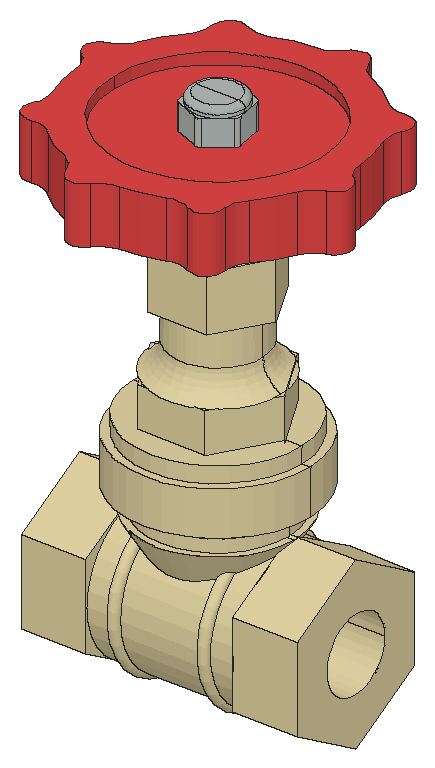
Revit family "AA00580000", category Apparecchi idraulici, Revit 2020
Family settings
  Quota connettore circolare = Usa diametro
  Tipo di parte = Normale
  Numero OmniClass = 23.45.00.00
  Titolo OmniClass = Sanitary, Laundry, and Cleaning Equipment
  Basato su piano di lavoro = No
  Sempre verticale = Sì
  Taglio con vuoti quando caricato = No
  Condiviso = No
  Punto di calcolo locali = No
Parameters
  URL = "https://web.cimberio.com/index.php/figura/1510?subcategoria_id=10053"
  Temperatura di esercizio = "-10 ÷ 180°C (1/4\" ÷ 4\"); -10 ÷ 150°C (5\" e 6\")"
  Prospetto di default = 0 mm
  Produttore = "CIMBERIO SPA"
  Pressione nominale = "PN 20 (1/4\" ÷ 4\"); PN 10 (5\" e 6\")"
  Modello = "Cim 70NPT"
  Materiale = "Prodotto in lega di ottone conforme alla norma EN 12165-CW617N-DW nelle misure fino a 4\" e in lega di bronzo conforme alla norma EN 1982-CC491K nelle misure da 5\" e 6\"."
  Descrizione = "Utilizzato nei più svariati settori dell'impiantistica: impianti di riscaldamento, condizionamento, idrici, igienico-sanitari e in generale con ogni fluido non corrosivo.\r\nParticolarmente indicato come valvola  per la regolazione e contabilizzazione di impianti di riscaldamento singoli o a zone, impianti con utilizzazione di energie alternative, impianti con fluidi caldi o freddi e impianti di automazione in genere"
  DN Model [instance] = AA00581015 : AA00581015
  DN [instance] = 15 mm
  Commenti sul tipo = "Realizzato in ottemperanza ai requisiti gestionali della norma EN ISO 9001.\r\nCollaudato al 100% secondo la normativa EN 12266-1"
Reference planes
  plane 1 "Centro (Fronte/Retro)": y = 0
  plane 2: z = 0
  plane 3 "Centro (Sinistra/Destra)": x = 0
Dimensions and locks
  aligned and locked: level to plane 2
Nested families
  nested 1: "AA00581015" at (0, 0, 0), type <- "DN Model", type "AA00581015"
  nested 2: "AA00581015" at (0, 0, 0), type <- "DN Model", type "AA00581015"
  nested 3: "AA00581015" at (0, 0, 0), type <- "DN Model", type "AA00581015"
  nested 4: "AA00581015" at (0, 0, 0), type <- "DN Model", type "AA00581015"
  nested 5: "AA00581015" at (0, 0, 0), type <- "DN Model", type "AA00581015"
  nested 6: "AA00581015" at (0, 0, 0), type <- "DN Model", type "AA00581015"
  nested 7: "AA00581015" at (0, 0, 0), type <- "DN Model", type "AA00581015"
Connectors
  piping at (24.532, 0, 0), diameter 15, driven by "DN"
    settings: on nested 1, index 1, connector inside diameter 609.6 mm, connector length 0 mm, flow factor 0, pipe flow 0.0 L/s, pressure drop 0.0 Pa, fitting loss kfactor 0, connector angle 0.00°, fixture units 0, engagement length 0 mm, angle of deflection 0.00°, flow configuration 0, flow direction 0, fitting loss method 0, system type 7, joint type 0, gender type 0, connector reference index -1, connector utility 0, adjustable connector no, is connector primary yes, connector description ""
  piping at (-24.46, 0, 0), diameter 15, driven by "DN"
    settings: on nested 1, index 2, connector inside diameter 609.6 mm, connector length 0 mm, flow factor 0, pipe flow 0.0 L/s, pressure drop 0.0 Pa, fitting loss kfactor 0, connector angle 0.00°, fixture units 0, engagement length 0 mm, angle of deflection 0.00°, flow configuration 0, flow direction 0, fitting loss method 0, system type 7, joint type 0, gender type 0, connector reference index -1, connector utility 0, adjustable connector no, is connector primary no, connector description ""
Definition of nested family "AA00581015"
  Parameters (values of type "AA00581015")
    Default Elevation = 0 mm
  Reference planes
    plane 1 "Centro (Fronte/Retro)": y = 0
    plane 2: z = 0
    plane 3 "Centro (Sinistra/Destra)": x = 0
  Forms (mm)
    Revolve 1, solid
      sketch origin (0, 0, 0) x (1, 0, 0) y (0, 0, 1)
        loop
          line (13, -6.5) -> (-13, -6.5) -> (-13, -13) -> (-9, -13)
          arc (-9, -13) -> (-8, -14) -> (-7, -13) r 1
          line (-7, -13) -> (7, -13)
          arc (7, -13) -> (8, -14) -> (9, -13) r 1
          line (9, -13) -> (13, -13) -> (13, -6.5)
        axis (-13, 0) -> (13, 0)
      angle from 0 to 360
    Extrusion 2, solid
      sketch origin (0, 0, 0) x (0, 1, 0) y (0, 0, 1)
        loop
          circle (0, 0) r 6.5
        loop
          line (0, 15) -> (-12.99, 7.5) -> (-12.99, -7.5) -> (0, -15) -> (12.99, -7.5) -> (12.99, 7.5) -> (0, 15)
      from -24.46 to -13
    Extrusion 3, solid
      sketch origin (0, 0, 0) x (0, 1, 0) y (0, 0, -1)
        loop
          circle (0, 0) r 6.5
        loop
          line (0, -15) -> (12.99, -7.5) -> (12.99, 7.5) -> (0, 15) -> (-12.99, 7.5) -> (-12.99, -7.5) -> (0, -15)
      from -24.532 to -13
    Revolve 4, solid
      sketch origin (0, 0, 0) x (1, 0, 0) y (0, 0, 1)
        loop
          line (0, 29.793) -> (-15, 29.793) -> (-15, 27) -> (-16.5, 27) -> (-16.5, 19.081) -> (-12.75, 16.967) -> (-12.75, 14.722) -> (-14.038, 14.722) -> (-10.056, 8.117) -> (0, 8.117) -> (0, 29.793)
        axis (0, 29.793) -> (0, 8.117)
      angle from 0 to 360
    Extrusion 5, solid
      sketch origin (0, 0, 0) x (0, -1, 0) y (1, 0, 0)
        loop
          line (0, -12) -> (10.392, -6) -> (10.392, 6) -> (0, 12) -> (-10.392, 6) -> (-10.392, -6) -> (0, -12)
      from 29.324 to 36.804
    Revolve 6, solid
      sketch origin (0, 0, 0) x (1, 0, 0) y (0, 0, 1)
        loop
          line (0, 48) -> (-7.95, 48) -> (-8, 41.503)
          arc (-8, 41.503) -> (-8.914, 38.642) -> (-11.29, 36.804) r 5.056
          line (-11.29, 36.804) -> (0, 36.804) -> (0, 48)
        axis (0, 48) -> (0, 36.804)
      angle from 0 to 360
    Extrusion 7, solid
      sketch origin (0, 0, 0) x (0, -1, 0) y (1, 0, 0)
        loop
          line (0, -10.4) -> (9.007, -5.2) -> (9.007, 5.2) -> (0, 10.4) -> (-9.007, 5.2) -> (-9.007, -5.2) -> (0, -10.4)
      from 48 to 58
    Revolve 8, solid
      sketch origin (0, 0, 0) x (1, 0, 0) y (0, 0, 1)
        loop
          line (-8.5, 67) -> (-8.5, 65.001)
          arc (-8.5, 65.001) -> (-8.353, 64.647) -> (-7.999, 64.5) r 0.501
          line (-7.999, 64.5) -> (-4, 64.5) -> (-4, 58) -> (0, 58) -> (0, 67) -> (-8.5, 67)
        axis (0, 67) -> (0, 58)
      angle from 0 to 360
    Extrusion 9, solid
      sketch origin (0, 0, 0) x (1, 0, 0) y (0, 1, 0)
        loop
          spline (-12.624, 22.54) -> (-13.213, 22.77) -> (-13.791, 22.909) -> (-14.346, 22.954) -> (-14.868, 22.904) -> (-15.347, 22.761) -> (-15.773, 22.527) -> (-16.139, 22.206) -> (-16.438, 21.805) -> (-16.663, 21.332) -> (-16.81, 20.794) -> (-16.877, 20.204) -> (-16.863, 19.572)
          arc (-16.863, 19.572) -> (-17.081, 17.552) -> (-18.08, 15.783) r 5.029
          arc (-18.08, 15.783) -> (-20.241, 12.895) -> (-21.945, 9.716) r 24
          arc (-21.945, 9.716) -> (-23.126, 8.063) -> (-24.865, 7.011) r 5.029
          spline (-24.865, 7.011) -> (-25.444, 6.757) -> (-25.951, 6.447) -> (-26.375, 6.086) -> (-26.709, 5.682) -> (-26.946, 5.242) -> (-27.082, 4.775) -> (-27.114, 4.29) -> (-27.042, 3.795) -> (-26.866, 3.301) -> (-26.591, 2.817) -> (-26.221, 2.352) -> (-25.763, 1.916)
          arc (-25.763, 1.916) -> (-24.489, 0.333) -> (-23.945, -1.624) r 5.029
          arc (-23.945, -1.624) -> (-23.431, -5.195) -> (-22.388, -8.648) r 24
          arc (-22.388, -8.648) -> (-22.054, -10.652) -> (-22.54, -12.624) r 5.029
          spline (-22.54, -12.624) -> (-22.77, -13.213) -> (-22.909, -13.791) -> (-22.954, -14.346) -> (-22.904, -14.868) -> (-22.761, -15.347) -> (-22.527, -15.773) -> (-22.206, -16.139) -> (-21.805, -16.438) -> (-21.332, -16.663) -> (-20.794, -16.81) -> (-20.204, -16.877) -> (-19.572, -16.863)
          arc (-19.572, -16.863) -> (-17.552, -17.081) -> (-15.783, -18.08) r 5.029
          arc (-15.783, -18.08) -> (-12.895, -20.241) -> (-9.716, -21.945) r 24
          arc (-9.716, -21.945) -> (-8.081, -23.106) -> (-7.03, -24.813) r 5.029
          spline (-7.03, -24.813) -> (-6.779, -25.402) -> (-6.471, -25.918) -> (-6.111, -26.351) -> (-5.706, -26.693) -> (-5.265, -26.937) -> (-4.795, -27.079) -> (-4.307, -27.115) -> (-3.809, -27.045) -> (-3.312, -26.871) -> (-2.824, -26.595) -> (-2.356, -26.223) -> (-1.916, -25.763)
          arc (-1.916, -25.763) -> (-0.333, -24.489) -> (1.624, -23.945) r 5.029
          arc (1.624, -23.945) -> (5.195, -23.431) -> (8.648, -22.388) r 24
          arc (8.648, -22.388) -> (10.624, -22.053) -> (12.575, -22.516) r 5.029
          spline (12.575, -22.516) -> (13.172, -22.757) -> (13.759, -22.903) -> (14.323, -22.954) -> (14.854, -22.907) -> (15.341, -22.764) -> (15.773, -22.527) -> (16.144, -22.201) -> (16.445, -21.793) -> (16.671, -21.31) -> (16.816, -20.763) -> (16.879, -20.161) -> (16.858, -19.518)
          arc (16.858, -19.518) -> (17.089, -17.526) -> (18.08, -15.783) r 5.029
          arc (18.08, -15.783) -> (20.241, -12.895) -> (21.945, -9.716) r 24
          arc (21.945, -9.716) -> (23.106, -8.081) -> (24.813, -7.03) r 5.029
          spline (24.813, -7.03) -> (25.406, -6.777) -> (25.924, -6.466) -> (26.359, -6.103) -> (26.701, -5.694) -> (26.944, -5.249) -> (27.082, -4.775) -> (27.114, -4.283) -> (27.038, -3.781) -> (26.856, -3.281) -> (26.572, -2.791) -> (26.191, -2.321) -> (25.721, -1.881)
          arc (25.721, -1.881) -> (24.477, -0.309) -> (23.945, 1.624) r 5.029
          arc (23.945, 1.624) -> (23.431, 5.195) -> (22.388, 8.648) r 24
          arc (22.388, 8.648) -> (22.053, 10.624) -> (22.516, 12.575) r 5.029
          spline (22.516, 12.575) -> (22.757, 13.172) -> (22.903, 13.759) -> (22.954, 14.323) -> (22.907, 14.854) -> (22.764, 15.341) -> (22.527, 15.773) -> (22.201, 16.144) -> (21.793, 16.445) -> (21.31, 16.671) -> (20.763, 16.816) -> (20.161, 16.879) -> (19.518, 16.858)
          arc (19.518, 16.858) -> (17.526, 17.089) -> (15.783, 18.08) r 5.029
          arc (15.783, 18.08) -> (12.895, 20.241) -> (9.716, 21.945) r 24
          arc (9.716, 21.945) -> (8.063, 23.126) -> (7.011, 24.865) r 5.029
          spline (7.011, 24.865) -> (6.755, 25.448) -> (6.442, 25.957) -> (6.078, 26.383) -> (5.67, 26.717) -> (5.227, 26.953) -> (4.755, 27.086) -> (4.266, 27.113) -> (3.768, 27.035) -> (3.271, 26.852) -> (2.784, 26.568) -> (2.318, 26.188) -> (1.881, 25.721)
          arc (1.881, 25.721) -> (0.309, 24.477) -> (-1.624, 23.945) r 5.029
          arc (-1.624, 23.945) -> (-5.195, 23.431) -> (-8.648, 22.388) r 24
          arc (-8.648, 22.388) -> (-10.652, 22.054) -> (-12.624, 22.54) r 5.029
      from 67 to 76.954
    Extrusion 10, void
      sketch origin (0, 0, 0) x (1, 0, 0) y (0, 1, 0)
        loop
          circle (0, 0) r 18.5
      from 75 to 77.743
    Extrusion 11, solid
      sketch origin (0, 0, 0) x (1, 0, 0) y (0, 1, 0)
        loop
          line (-1.377, 5.329) -> (-4.94, 2.419)
          arc (-4.94, 2.419) -> (-5.249, 1.991) -> (-5.302, 1.465) r 1.021
          line (-5.302, 1.465) -> (-4.565, -3.074)
          arc (-4.565, -3.074) -> (-4.349, -3.551) -> (-3.924, -3.858) r 1.012
          line (-3.924, -3.858) -> (0.37, -5.486)
          arc (0.37, -5.486) -> (0.9, -5.54) -> (1.387, -5.321) r 1.03
          line (1.387, -5.321) -> (4.931, -2.427)
          arc (4.931, -2.427) -> (5.246, -1.989) -> (5.3, -1.452) r 1.042
          line (5.3, -1.452) -> (4.567, 3.058)
          arc (4.567, 3.058) -> (4.346, 3.549) -> (3.909, 3.863) r 1.04
          line (3.909, 3.863) -> (-0.382, 5.491)
          arc (-0.382, 5.491) -> (-0.901, 5.543) -> (-1.377, 5.329) r 1.007
      from 75 to 79.5
    Revolve 12, solid
      sketch origin (0, 0, 0) x (1, 0, 0) y (0, 0, 1)
        loop
          line (0, 81) -> (0, 79.19) -> (4.75, 79.19) -> (4.75, 80)
          arc (4.75, 80) -> (4.457, 80.707) -> (3.75, 81) r 1
          line (3.75, 81) -> (0, 81)
        axis (0, 81) -> (0, 79.19)
      angle from 0 to 360
  Cuts and joins
    Extrusion 10 cuts Extrusion 9
  Dimensions and locks
    aligned and locked: level to plane 2
